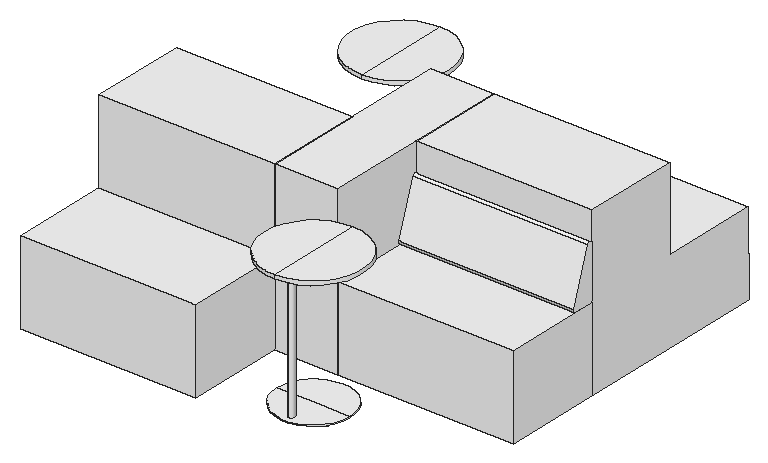
Revit family "COL-104", category Furniture, Revit 2017
Family settings
  OmniClass Number = 23.40.20.00
  OmniClass Title = General Furniture and Specialties
  Work Plane-Based = No
  Always vertical = Yes
  Cut with Voids When Loaded = No
  Shared = No
  Room Calculation Point = No
Parameters
  URL = "www.allsteeloffice.com"
  Model = "COL-104"
  Manufacturer = "Allsteel"  # constant formula
  Description = ""
Reference planes (in)
  plane 1 "Center Front/Back": y = 0
  plane 2: z = 0
  plane 3 "Center Left/Right": x = 0
Dimensions and locks (in)
  aligned and locked: level to plane 2
Nested families (in)
  nested 1: "Allsteel - Gather - Seating - Rise Half-Width Ottoman" at (-42.50914, 20.02212, 0), type "Single Tone"
  nested 2: "Allsteel - Gather - Seating - Rise Laptop Table - Round" at (9.73881, -30.25964, 0) x (-1, 0, 0) z (0, 0, 1), type "Allsteel - Gather - Seating - Rise Laptop Table - Round"
    with Paint Color Allsteel - White, Laminate Allsteel - White, Glide Material Allsteel - White
  nested 3: "Allsteel - Gather - Seating - 2-Tier Rise" at (-42.50011, 0.02211, 0) x (1, -0.0005, 0) z (0, 0, 1), type "2-Tier - Non Powered"
  nested 4: "Allsteel - Gather - Seating - Rise Lumbar Pillow" at (-6.50903, 0.00587, 0) x (-1, 0.0005, 0) z (0, 0, 1), type "Lumbar Pillow"
  nested 5: "Allsteel - Gather - Seating - Rise Soft Wall" at (-6.5, 20.00587, 0) x (1, -0.0005, 0) z (0, 0, 1), type "Single Tone"
  nested 6: "Allsteel - Gather - Seating - Rise Half-Width Ottoman" at (42.48194, -20.01625, 0) x (-1, 0.0005, 0) z (0, 0, 1), type "Single Tone"
  nested 7: "Allsteel - Gather - Seating - Rise Laptop Table - Round" at (-20.12484, 29.32741, 0), type "Allsteel - Gather - Seating - Rise Laptop Table - Round"
    with Paint Color Allsteel - White, Laminate Allsteel - White, Glide Material Allsteel - White
  nested 8: "Allsteel - Gather - Seating - 2-Tier Rise" at (42.49097, -0.01625, 0) x (-1, 0.0005, 0) z (0, 0, 1), type "2-Tier - Non Powered"
  nested 9: "Allsteel - Gather - Seating - Rise Lumbar Pillow" at (6.49097, 0, 0) x (1, -0.0005, 0) z (0, 0, 1), type "Lumbar Pillow"
Definition of nested family "Allsteel - Gather - Seating - Rise Half-Width Ottoman"
  Parameters (values of type "Single Tone")
    URL = "www.allsteeloffice.com"
    Two-Tone Upholstery = none
    Step = "From Type Catalog"
    Rise Upholstery = none
    Rise Configuration = Single-Tone : Single-Tone
    Omniclass Number = "E2020"
    Model = "S922SHON"
    Manufacturer = "Allsteel"
    Electrical Panel = none
    Description = "Allsteel - Gather - Rise Single Tone Half-Width Ottoman - Non Powered"
  Types (3): name | Rise Configuration | Model | Description
    (no name) | Single-Tone : Single-Tone | "S922SHON" | "Allsteel - Gather - Rise Single Tone Half-Width Ottoman - Non Powered"
    Two-Tone | Two-Tone : Two-Tone | "S922SHOTN" | "Allsteel - Gather - Rise Two-Tone Half-Width Ottoman - Non Powered"
    Single Tone | Single-Tone : Single-Tone | "S922SHON" | "Allsteel - Gather - Rise Single Tone Half-Width Ottoman - Non Powered"
  Reference planes (in)
    plane 1 "Center (Front/Back)": y = 0
    plane 2: z = 0
    plane 3 "Center (Left/Right)": x = 0
  Nested families (in)
    nested 1: "Single-Tone" at (0, 0, 0), Two-Tone Upholstery <- "Two-Tone Upholstery", Rise Upholstery <- "Rise Upholstery", type <- "Rise Configuration", type "Single-Tone"
      with Two-Tone Upholstery none, Rise Upholstery none
  Definition of nested family "Single-Tone"
    Parameters (values of type "Two Step - Single-Tone")
      Two-Tone Upholstery [instance] = none
      Rise Upholstery [instance] = none
      Height = 0' - 0"
      Assembly Code = ""
    Reference planes (in)
      plane 1 "Center (Front/Back)": y = 0
      plane 2: z = 0
      plane 3 "Center (Left/Right)": x = 0
      plane 4: x = 20
      plane 5 "stp 1": y = -20
    Forms (in)
      Extrusion 1, solid, material <- "Rise Upholstery"
        sketch origin (0, -40, 0) x (0, 1, 0) y (0, 0, 1)
          loop
            line (40, 0) -> (40, 17) -> (20, 17) -> (20, 0) -> (40, 0)
        from 0 to 36
Definition of nested family "Allsteel - Gather - Seating - Rise Laptop Table - Round"
  Parameters (values of type "Allsteel - Gather - Seating - Rise Laptop Table - Round")
    URL = "www.allsteeloffice.com"
    Step = "From Type Catalog"
    Paint Color [instance] = none
    Omniclass Number = "E2020"
    Model = "S911RLTBNO"
    Manufacturer = "Allsteel"
    Laminate [instance] = none
    Glide Material [instance] = none
    Description = "Allsteel - Gather - Rise Laptop Table"
  Reference planes (in)
    plane 1 "Center (Front/Back)": y = 0
    plane 2: z = 0
    plane 3 "Center (Left/Right)": x = 0
  Forms (in)
    Revolve 1, solid, material <- "Paint Color"
      sketch origin (0, 0, 0) x (1, 0, 0) y (0, 0, 1)
        loop
          line (0, 0.6175) -> (-7.5, 0.6175) -> (-7.5, 0.3675) -> (0, 0.3675) -> (0, 0.6175)
        axis (0, 0.6175) -> (0, 0.3675)
      angle from 0 to 360
    Revolve 2, solid, material <- "Laminate"
      sketch origin (0, 0, 0) x (0, 1, 0) y (0, 0, 1)
        loop
          line (0, 28.3695) -> (-10, 28.3695) -> (-10, 27.6175) -> (0, 27.6175) -> (0, 28.3695)
        axis (0, 28.3695) -> (0, 27.6175)
      angle from 0 to 360
    Revolve 3, solid, material <- "Paint Color"
      sketch origin (0, 0, 0) x (0, 1, 0) y (0, 0, 1)
        loop
          line (5.6875, 0.6175) -> (5.6875, 27.6175) -> (3.42051, 27.6175) -> (3.42051, 27.3675) -> (5.03439, 27.3675) -> (5.03439, 0.6175) -> (5.6875, 0.6175)
        axis (5.6875, 27.6175) -> (5.6875, 0.6175)
      angle from 0 to 360
    Revolve 4, solid, material <- "Glide Material"
      sketch origin (0, 3.5, 0) x (1, 0, 0) y (0, 0, 1)
        loop
          line (5, 0.3675) -> (4, 0.3675) -> (4, 0.0737)
          arc (4, 0.0737) -> (4.02159, 0.02159) -> (4.0737, 0) r 0.0737
          line (4.0737, 0) -> (5, 0) -> (5, 0.3675)
        axis (5, 0.3675) -> (5, 0)
      angle from 0 to 360
    Revolve 5, solid, material <- "Glide Material"
      sketch origin (-10, 3.5, 0) x (1, 0, 0) y (0, 0, 1)
        loop
          line (5, 0.3675) -> (4, 0.3675) -> (4, 0.0737)
          arc (4, 0.0737) -> (4.02159, 0.02159) -> (4.0737, 0) r 0.0737
          line (4.0737, 0) -> (5, 0) -> (5, 0.3675)
        axis (5, 0.3675) -> (5, 0)
      angle from 0 to 360
    Revolve 6, solid, material <- "Glide Material"
      sketch origin (-5, -6, 0) x (1, 0, 0) y (0, 0, 1)
        loop
          line (5, 0.3675) -> (4, 0.3675) -> (4, 0.0737)
          arc (4, 0.0737) -> (4.02159, 0.02159) -> (4.0737, 0) r 0.0737
          line (4.0737, 0) -> (5, 0) -> (5, 0.3675)
        axis (5, 0.3675) -> (5, 0)
      angle from 0 to 360
Definition of nested family "Allsteel - Gather - Seating - 2-Tier Rise"
  Parameters (values of type "2-Tier - Non Powered")
    URL = "www.allsteeloffice.com"
    Two-Tone Upholstery = none
    Step = "From Type Catalog"
    Rise Upholstery = none
    Rise Configuration = Two Step - Single-Tone : Two Step - Single-Tone
    Power Port = no
    Omniclass Number = "E2020"
    Model = "S922S2"
    Manufacturer = "Allsteel"
    Electrical Panel = none
    Description = "Allsteel - Gather - 2-Tier Rise - Non Powered"
  Types (4): name | Rise Configuration | Power Port | Model | Description
    2-Tier - Non Powered | Two Step - Single-Tone : Two Step - Single-Tone | no | "S922S2" | "Allsteel - Gather - 2-Tier Rise - Non Powered"
    Two-tone - 2-Tier - Power Ready | Two Step - Two-Tone : Two Step - Two-Tone | yes | "S922S2TP" | "Allsteel - Gather - Two-tone - 2-Tier Rise - Power Ready"
    Two-tone - 2-Tier - Non Powered | Two Step - Two-Tone : Two Step - Two-Tone | no | "S922S2T" | "Allsteel - Gather - Two-tone - 2-Tier Rise - Non Powered"
    2-Tier - Power Ready | Two Step - Single-Tone : Two Step - Single-Tone | yes | "S922S2P" | "Allsteel - Gather - 2-Tier Rise - Power Ready"
  Reference planes (in)
    plane 1 "Center (Front/Back)": y = 0
    plane 2: z = 0
    plane 3 "Center (Left/Right)": x = 0
  Forms (in)
    Extrusion 1, solid, material <- "Electrical Panel", visible <- "Power Port"
      sketch origin (-4, 0, 0) x (1, 0, 0) y (0, 0, 1)
        loop
          line (37.25, 1.375) -> (37.25, 4.625) -> (30.875, 4.625) -> (30.875, 1.375) -> (37.25, 1.375)
      from 39.93332 to 40.05817
    Extrusion 2, solid, material <- "Electrical Panel", visible <- "Power Port"
      sketch origin (42.1786, -40.05817, -13.65429) x (0, 0, 1) y (-1, 0, 0)
        loop
          line (17.48828, 10.75) -> (15.92578, 10.75) -> (15.92578, 9.25) -> (17.48828, 9.25) -> (17.48828, 10.75)
        loop
          line (17.1411, 10.321) -> (16.76619, 10.321) -> (16.76619, 10.209) -> (17.1411, 10.209) -> (17.1411, 10.321)
        loop
          line (17.06301, 9.819) -> (16.7651, 9.819) -> (16.7651, 9.707) -> (17.06301, 9.707) -> (17.06301, 9.819)
        loop
          line (16.30582, 10.103) -> (16.30582, 9.897) -> (16.39533, 9.897) -> (16.49862, 10.00029) -> (16.39591, 10.103) -> (16.30582, 10.103)
        loop
          line (17.48828, 12.875) -> (15.92578, 12.875) -> (15.92578, 11.375) -> (17.48828, 11.375) -> (17.48828, 12.875)
        loop
          line (17.1411, 12.446) -> (16.76619, 12.446) -> (16.76619, 12.334) -> (17.1411, 12.334) -> (17.1411, 12.446)
        loop
          line (17.06301, 11.944) -> (16.7651, 11.944) -> (16.7651, 11.832) -> (17.06301, 11.832) -> (17.06301, 11.944)
        loop
          line (16.30582, 12.228) -> (16.30582, 12.022) -> (16.39533, 12.022) -> (16.49862, 12.12529) -> (16.39591, 12.228) -> (16.30582, 12.228)
        loop
          line (17.48828, 14.95929) -> (15.92578, 14.95929) -> (15.92578, 13.58429) -> (17.48828, 13.58429) -> (17.48828, 14.95929)
        loop
          line (17.25262, 14.75058) -> (16.15262, 14.75058) -> (16.15262, 13.77558) -> (17.25262, 13.77558) -> (17.25262, 14.75058)
      from 0 to 0.06701
  Nested families (in)
    nested 1: "Two Step - Single-Tone" at (0, 0, 0), Two-Tone Upholstery <- "Two-Tone Upholstery", Rise Upholstery <- "Rise Upholstery", type <- "Rise Configuration", type "Two Step - Single-Tone"
      with Two-Tone Upholstery none, Rise Upholstery none
  Definition of nested family "Two Step - Single-Tone"
    Parameters (values of type "Two Step - Single-Tone")
      Two-Tone Upholstery [instance] = none
      Rise Upholstery [instance] = none
      Height = 0' - 0"
      Assembly Code = ""
    Reference planes (in)
      plane 1 "Center (Front/Back)": y = 0
      plane 2: z = 0
      plane 3 "Center (Left/Right)": x = 0
      plane 4: x = 20
      plane 5 "stp 2": y = -20
      plane 6 "stp 1": y = -40
      plane 7: z = 33.84279
      plane 8: z = 16.85355
    Forms (in)
      Extrusion 1, solid, material <- "Rise Upholstery"
        sketch origin (0, -40, 0) x (0, 1, 0) y (0, 0, 1)
          loop
            line (40, 0) -> (40, 33.98923) -> (20, 33.98923) -> (20, 17) -> (0, 17) -> (0, 0) -> (40, 0)
        from 0 to 36
    Dimensions and locks (in)
      aligned and locked: plane 6 "stp 1" to Extrusion 1
      aligned and locked: plane 5 "stp 2" to Extrusion 1
Definition of nested family "Allsteel - Gather - Seating - Rise Lumbar Pillow"
  Parameters (values of type "Lumbar Pillow")
    URL = "www.allsteeloffice.com"
    Step = "From Type Catalog"
    Rise Upholstery = none
    Omniclass Number = "E2020"
    Model = "S922LPN"
    Manufacturer = "Allsteel"
    Electrical Panel = none
    Description = "Allsteel - Gather - Rise Single Tone Lumbar Pillow - Non Powered"
  Reference planes (in)
    plane 1 "Center (Front/Back)": y = 0
    plane 2: z = 0
    plane 3 "Center (Left/Right)": x = 0
  Nested families (in)
    nested 1: "Single-Tone" at (0, 0, 0), Rise Upholstery <- "Rise Upholstery", type "Single-Tone"
      with Two-Tone Upholstery none, Rise Upholstery none
  Definition of nested family "Single-Tone"
    Parameters (values of type "Single-Tone")
      Two-Tone Upholstery [instance] = none
      Rise Upholstery [instance] = none
      Height = 0' - 0"
      Assembly Code = ""
    Reference planes (in)
      plane 1 "Center (Front/Back)": y = 0
      plane 2: z = 0
      plane 3 "Center (Left/Right)": x = 0
      plane 4 "stp 1": y = -20
    Forms (in)
      Extrusion 1, solid, material <- "Rise Upholstery"
        sketch origin (0, -40, 0) x (0, 1, 0) y (0, 0, 1)
          loop
            arc (39.5, 17.125) -> (39.85355, 17.27145) -> (40, 17.625) r 0.5
            line (40, 17.625) -> (40, 27.90766)
            arc (40, 27.90766) -> (39.58467, 28.40044) -> (39.02868, 28.07456) r 0.5
            line (39.02868, 28.07456) -> (35.3874, 17.7919)
            arc (35.3874, 17.7919) -> (35.4504, 17.33643) -> (35.85872, 17.125) r 0.5
            line (35.85872, 17.125) -> (39.5, 17.125)
        from 0 to 36
Definition of nested family "Allsteel - Gather - Seating - Rise Soft Wall"
  Parameters (values of type "Single Tone")
    URL = "www.allsteeloffice.com"
    Two-Tone Upholstery = none
    Step = "From Type Catalog"
    Rise Upholstery = none
    Rise Configuration = Single-Tone : Single-Tone
    Omniclass Number = "E2020"
    Model = "S922SWN"
    Manufacturer = "Allsteel"
    Electrical Panel = none
    Description = "Allsteel - Gather - Rise Single Tone Soft Wall - Non Powered"
  Types (2): name | Rise Configuration | Model | Description
    Two-Tone | Two-Tone : Two-Tone | "S922SWTN" | "Allsteel - Gather - Rise Two-Tone Soft Wall - Non Powered"
    Single Tone | Single-Tone : Single-Tone | "S922SWN" | "Allsteel - Gather - Rise Single Tone Soft Wall - Non Powered"
  Reference planes (in)
    plane 1 "Center (Front/Back)": y = 0
    plane 2: z = 0
    plane 3 "Center (Left/Right)": x = 0
  Nested families (in)
    nested 1: "Single-Tone" at (0, 0, 0), Two-Tone Upholstery <- "Two-Tone Upholstery", Rise Upholstery <- "Rise Upholstery", type <- "Rise Configuration", type "Single-Tone"
      with Two-Tone Upholstery none, Rise Upholstery none
  Definition of nested family "Single-Tone"
    Parameters (values of type "Single-Tone")
      Two-Tone Upholstery [instance] = none
      Rise Upholstery [instance] = none
      Height = 0' - 0"
      Assembly Code = ""
    Reference planes (in)
      plane 1 "Center (Front/Back)": y = 0
      plane 2: z = 0
      plane 3 "Center (Left/Right)": x = 0
      plane 4: x = 20
      plane 5 "stp 1": y = -20
    Forms (in)
      Extrusion 1, solid, material <- "Rise Upholstery"
        sketch origin (0, -40, 0) x (0, 1, 0) y (0, 0, 1)
          loop
            line (40, 0) -> (40, 34) -> (0, 34) -> (0, 0) -> (40, 0)
        from 0 to 13
